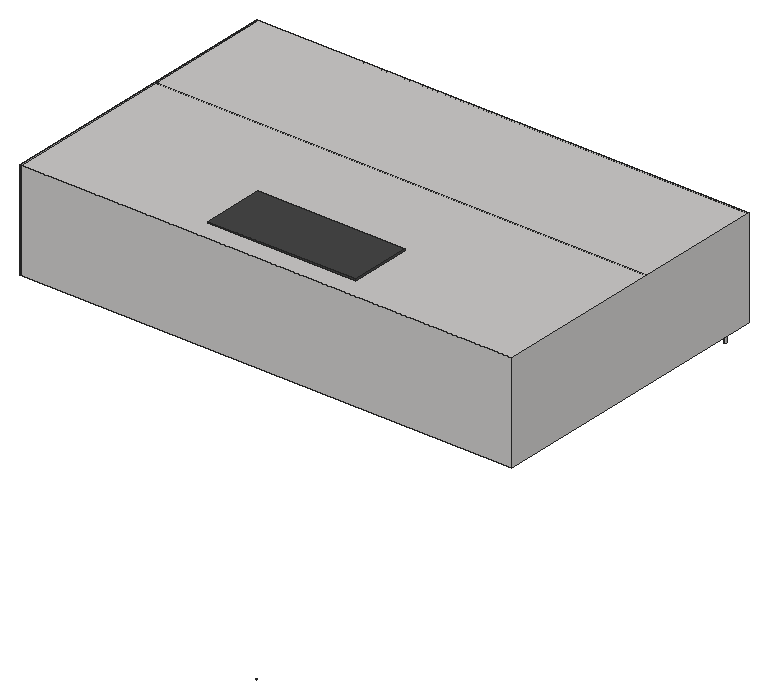
Revit family "QF_ELECTROLUXPROFESSIONAL_643322_DK1220", category Specialty Equipment, Revit 2014
Reference planes
  plane 1: z = 0
  plane 2 "Center (Left/Right)": x = 150
  plane 3 "LEFT": x = -850
  plane 4 "RIGHT": x = 1150
  plane 5 "BACK": y = 550
  plane 6 "TOP": z = 2400
  plane 7 "Base": z = 2000
  plane 8: z = 1970
  plane 9 "DrainY": y = 450
  plane 10: x = -847
  plane 11: y = -320
  plane 12: y = -570
  plane 13 "DrainX": x = 1137
  plane 14 "AOLeft2": x = 450
  plane 15: x = 1147
  plane 16: x = -650
  plane 17: x = 950
  plane 18 "Center (Front/Back)": y = -50
  plane 19 "Front": y = -650
  plane 20 "AOLeft1": x = -150
Forms (mm)
  Extrusion 1, solid, material "QF_Finishes_Stainless Steel"
    sketch origin (-850, 0, 360) x (0, 1, 0) y (0, 0, 1)
      loop
        line (550, 1640) -> (550, 2040) -> (-650, 2040) -> (-650, 1640) -> (550, 1640)
    from 0 to 3
  Extrusion 2, solid, material "QF_Finishes_Stainless Steel"
    sketch origin (1150, 0, 360) x (0, 1, 0) y (0, 0, 1)
      loop
        line (550, 1640) -> (550, 2040) -> (-650, 2040) -> (-650, 1640) -> (550, 1640)
    from 0 to -3
  Extrusion 3, solid, material "QF_Finishes_Stainless Steel"
    sketch origin (150, 0, 360) x (0, 1, 0) y (0, 0, 1)
      loop
        line (-650, 2040) -> (-650, 1640) -> (-640, 1640) -> (-640, 1640.8) -> (-649.2, 1640.8) -> (-649.2, 2039.19) -> (549.2, 2039.19) -> (549.2, 1640.8) -> (540, 1640.8) -> (540, 1640) -> (550, 1640) -> (550, 2040) -> (-650, 2040)
    from -1000 to 1000
  Extrusion 4, solid, material "QF_Finishes_Stainless Steel"
    sketch origin (0, 0, 2000) x (0, 1, 0) y (-1, 0, 0)
      loop
        circle (450, -1137) r 4.763
    from -30 to 0
  Extrusion 5, solid, material "QF_Finishes_Black"
    sketch origin (0, 0, 2400) x (0, 1, 0) y (-1, 0, 0)
      loop
        line (-320, -450) -> (-320, 150) -> (-570, 150) -> (-570, -450) -> (-320, -450)
    from 5 to 0
  Extrusion 6, solid, material "QF_Finishes_Stainless Steel"
    sketch origin (0, 0, 0) x (1, 0, 0) y (0, 1, 0)
      loop
        line (-850, 550) -> (-850, 549) -> (-849, 549) -> (-849, 550) -> (-850, 550)
    from 0 to 1
  Sweep 7, solid, material "QF_Finishes_Stainless Steel"
    path origin (0, 0, 0) x (1, 0, 0) y (0, 1, 0)
      loop
        line (1150, 550) -> (-850, 550) -> (-850, -650) -> (1150, -650) -> (1150, 550)
    profile origin (1150, -50, 0) x (1, 0, 0) y (0, 0, 1)
      loop
        line (-3, 2000) -> (-3, 2000.8) -> (-19, 2000.8) -> (-19, 2010) -> (-20, 2010) -> (-20, 2000) -> (-3, 2000)
  Extrusion 8, solid, material "QF_Finishes_Stainless Steel"
    sketch origin (150, 0, 0) x (0, 1, 0) y (0, 0, 1)
      loop
        line (35, 2399.19) -> (34.2, 2399.19) -> (34.2, 2329.838) -> (-320.309, 2254.485) -> (-614.003, 2066.672) -> (-614.003, 2000.8) -> (-613.203, 2000.8) -> (-613.203, 2066.234) -> (-320, 2253.732) -> (35, 2329.19) -> (35, 2399.19)
    from -997 to 997
Cuts and joins
  joined: Extrusion 2, Extrusion 3, Sweep 7
Lines and regions (mm)
  symbolic lines, style "SpecialityEquipment", detail levels coarse
    curve 1: line (1150, 550, 2400) -> (-850, 550, 2400)
    curve 2: line (-850, 550, 2400) -> (-850, -650, 2400)
    curve 3: line (1150, -650, 2400) -> (1150, 550, 2400)
    curve 4: line (-850, 550, 0) -> (1150, -650, 0)
    curve 5: line (1150, 550, 0) -> (-850, -650, 0)
    curve 6: line (-850, -650, 0) -> (1150, -650, 0)
  symbolic lines, detail levels coarse
    curve 7: line (-150, -570, 0) -> (450, -570, 0)
    curve 8: line (-150, -320, 0) -> (-150, -570, 0)
    curve 9: line (450, -320, 0) -> (-150, -320, 0)
    curve 10: line (450, -570, 0) -> (450, -320, 0)
Dimensions and locks
  plane 3 "LEFT" to plane 4 "RIGHT" = 2000 mm
  equal spacing: plane 3 "LEFT", plane 2 "Center (Left/Right)", plane 4 "RIGHT"
  plane 7 "Base" to plane 8 = 30 mm
  plane 5 "BACK" to plane 9 "DrainY" = 100 mm  (x2)
  plane 3 "LEFT" to plane 10 = 3 mm
  plane 13 "DrainX" to plane 4 "RIGHT" = 13 mm
  plane 15 to plane 4 "RIGHT" = 3 mm
  plane 3 "LEFT" to plane 16 = 200 mm
  plane 17 to plane 4 "RIGHT" = 200 mm
  locked: plane 7 "Base" to level at 2000
  locked: plane 6 "TOP" to plane 7 "Base" at 400
  plane 5 "BACK" to plane 19 "Front" = 1200 mm  (x2)
  equal spacing: plane 5 "BACK", plane 18 "Center (Front/Back)", plane 19 "Front"
  plane 12 to plane 19 "Front" = 80 mm
  locked: plane 11 to plane 12 at 250
  locked: plane 20 "AOLeft1" to plane 14 "AOLeft2" at 600
  equal spacing: plane 20 "AOLeft1", plane 2 "Center (Left/Right)", plane 14 "AOLeft2"
  aligned and locked: level to plane 1
  aligned and locked: plane 4 "RIGHT" to Extrusion 3
  aligned and locked: Extrusion 3 to plane 3 "LEFT"
  aligned and locked: Extrusion 5 to plane 12
  aligned and locked: Extrusion 5 to plane 11
  aligned and locked: Extrusion 2 to plane 15
  aligned and locked: Extrusion 8 to plane 10
  aligned and locked: plane 15 to Extrusion 8
  aligned and locked: Extrusion 5 to plane 20 "AOLeft1"
  aligned and locked: Extrusion 5 to plane 14 "AOLeft2"
Automatic sketch dimensions
  Extrusion 1 sketch curve to plane 7 "Base" = 0 mm
  Extrusion 1 sketch curve to plane 19 "Front" = 0 mm
  Extrusion 1 sketch curve to plane 5 "BACK" = 0 mm
  Extrusion 1 sketch curve to plane 6 "TOP" = 0 mm
  Extrusion 2 sketch curve to plane 7 "Base" = 0 mm
  Extrusion 2 sketch curve to plane 19 "Front" = 0 mm
  Extrusion 2 sketch curve to plane 5 "BACK" = 0 mm
  Extrusion 2 sketch curve to plane 6 "TOP" = 0 mm
  Extrusion 3 sketch curve to plane 6 "TOP" = 0 mm
  Extrusion 3 sketch curve to plane 19 "Front" = 0 mm
  Extrusion 3 sketch curve to plane 7 "Base" = 0 mm  (x2)
  Extrusion 3 sketch curve to plane 5 "BACK" = 0 mm
  plane 19 "Front" to Extrusion 3 sketch curve = 0.8 mm
  Extrusion 3 sketch curve to Extrusion 3 sketch curve = 9.2 mm
  plane 7 "Base" to Extrusion 3 sketch curve = 0.8 mm  (x2)
  Extrusion 3 sketch curve to plane 5 "BACK" = 10 mm
  Extrusion 3 sketch curve to plane 5 "BACK" = 0.8 mm
  Extrusion 3 sketch curve to plane 6 "TOP" = 0.81 mm
  Extrusion 4 sketch curve to plane 9 "DrainY" = 0 mm
  Extrusion 4 sketch curve to plane 13 "DrainX" = 0 mm
  Extrusion 5 sketch curve to plane 12 = 0 mm
  plane 11 to Extrusion 5 sketch curve = 0 mm
  Extrusion 5 sketch curve to plane 14 "AOLeft2" = 0 mm
  Extrusion 5 sketch curve to plane 20 "AOLeft1" = 0 mm
  Extrusion 6 sketch curve to plane 3 "LEFT" = 0 mm
  Extrusion 6 sketch curve to plane 5 "BACK" = 0 mm
  plane 3 "LEFT" to Extrusion 6 sketch curve = 1 mm
  Extrusion 6 sketch curve to Extrusion 6 sketch curve = 1 mm
  Sweep 7 sketch curve to plane 3 "LEFT" = 0 mm
  Sweep 7 sketch curve to plane 4 "RIGHT" = 0 mm
  Sweep 7 sketch curve to plane 19 "Front" = 0 mm
  Sweep 7 sketch curve to plane 5 "BACK" = 0 mm
  profile plane to Sweep 7 sketch curve = 20 mm
  Sweep 7 sketch curve to Sweep 7 sketch curve = 1 mm
  profile plane to Sweep 7 sketch curve = 3 mm
  level to Sweep 7 sketch curve = 2000 mm
  Sweep 7 sketch curve to Sweep 7 sketch curve = 0.8 mm
  Sweep 7 sketch curve to Sweep 7 sketch curve = 9.2 mm
  curve 5 to plane 3 "LEFT" = 0 mm
  curve 4 to plane 3 "LEFT" = 0 mm
  curve 6 to plane 19 "Front" = 0 mm
  curve 5 to plane 4 "RIGHT" = 0 mm
  curve 6 to plane 4 "RIGHT" = 0 mm
  curve 5 to plane 5 "BACK" = 0 mm
  curve 4 to plane 5 "BACK" = 0 mm
  curve 2 to plane 3 "LEFT" = 0 mm
  curve 2 to plane 19 "Front" = 0 mm
  curve 3 to plane 4 "RIGHT" = 0 mm
  curve 3 to plane 19 "Front" = 0 mm
  curve 2 to plane 5 "BACK" = 0 mm
  Extrusion 8 sketch curve to plane 11 = 0 mm
  plane 11 to Extrusion 8 sketch curve = 0.309 mm
  plane 7 "Base" to Extrusion 8 sketch curve = 0.8 mm
  plane 19 "Front" to Extrusion 8 sketch curve = 36.797 mm
  Extrusion 8 sketch curve to Extrusion 8 sketch curve = 0.8 mm  (x2)
  plane 18 "Center (Front/Back)" to Extrusion 8 sketch curve = 84.2 mm
  Extrusion 8 sketch curve to Extrusion 8 sketch curve = 65.434 mm
  Extrusion 8 sketch curve to plane 6 "TOP" = 146.268 mm
  Extrusion 8 sketch curve to Extrusion 8 sketch curve = 0.752 mm
  Extrusion 8 sketch curve to plane 6 "TOP" = 70.81 mm
  Extrusion 8 sketch curve to Extrusion 8 sketch curve = 0.648 mm
  Extrusion 8 sketch curve to Extrusion 8 sketch curve = 0.438 mm
  Extrusion 8 sketch curve to plane 6 "TOP" = 0.81 mm
  curve 7 to plane 12 = 0 mm
  curve 7 to plane 20 "AOLeft1" = 0 mm
  plane 11 to curve 8 = 0 mm
  curve 9 to plane 14 "AOLeft2" = 0 mm
  radius of Extrusion 4 sketch curve = 4.763 mm
Connectors
  piping at (1137, 450, 1970), diameter 9.5
    settings: on Extrusion 4, index 1, connector inside diameter 609.6 mm, connector length 0 mm, flow factor 0, pipe flow 0.0 L/s, pressure drop 0.0 Pa, fitting loss kfactor 0, connector angle 0.00°, fixture units 0, engagement length 0 mm, angle of deflection 0.00°, flow configuration 1, flow direction 2, fitting loss method 0, system type 16, joint type 0, gender type 0, connector reference index -1, connector utility 0, adjustable connector no, is connector primary yes, connector description "Drain"
  hvac at (150, -445, 2405)
    settings: on Extrusion 5, index 2, duct flow 0.0 L/s, flow factor 0, pres drop 0.0 Pa, loss coef 0, conn angle 0.00°, conn width 250 mm, conn height 600 mm, conn diameter 609.6 mm, duct sys type 3, conn prof type 1, flow config 1, flow direction 2, loss method 0, conn ref index -1, conn util no, is conn primary yes, conn desc "EXHAUST OUTLET"
